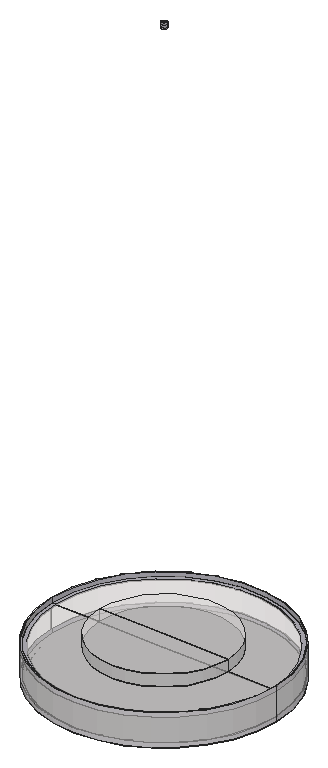
Revit family "Lighting - Lumetta - Pendant - SMS244WG2-S2", category Lighting Fixtures, host Ceiling, Revit 2015
Parameters
  Wattage Comments = "19"
  Wattage = 11.7117 W
  built-in parameter 1150110 = 1 (stored number, unit not read)
  URL = ""
  Type Comments = "Drum 34'' Pendant"  # constant formula
  built-in parameter 1114217 = 1 (stored number, unit not read)
  built-in parameter 1150109 = 1 (stored number, unit not read)
  built-in parameter 1150134 = (empty or 0)
  built-in parameter 1150113 = 1 (stored number, unit not read)
  S2 Diffuser Material [instance] = Shade - Lumetta - D61 - MT_White
  S2 [instance] = no
  Light Source Symbol Size = 0' - 1"
  Lamp = ""
  Model = "P53414"  # constant formula
  Manufacturer = "Lumetta, Inc."  # constant formula
  Lumens = 1300 lm
  built-in parameter 1150115 = 1 (stored number, unit not read)
  built-in parameter 1150105 = 103.45 (stored number, unit not read)
  built-in parameter 1150137 = (empty or 0)
  built-in parameter 1150139 = (empty or 0)
  built-in parameter 1150112 = 1 (stored number, unit not read)
  built-in parameter 1150114 = 1 (stored number, unit not read)
  built-in parameter 1150132 = 1
  built-in parameter 1150102 = (empty or 0)
  built-in parameter 1150138 = (empty or 0)
  built-in parameter 1150107 = 3000 (stored number, unit not read)
  built-in parameter 1150106 = 1.0345 (stored number, unit not read)
  Frame Finish [instance] = Paint - Lumetta - F02 - PC_Chrome
  built-in parameter 1150104 = 10.312 (stored number, unit not read)
  Dimming Lamp Color Temperature Shift = (empty or 0)
  Diffuser Material [instance] = Shade - Lumetta - Muse - Abstract Flower
  Description = ""
  Bottom Lens-Material [instance] = Acrylic - P95 - Etched White
  Bottom Lens [instance] = yes
  Color Filter = 16777215
  built-in parameter 1114218 = 1 (stored number, unit not read)
  built-in parameter 1150133 = 10 (stored number, unit not read)
Reference planes (in)
  plane 1 "Light Source Axis (F/B)": y = 0
  plane 2 "Ceiling": z = 96
  plane 3 "Light Source Axis (L/R)": x = 0
  plane 4 "Light Source Elevation": z = 94
  plane 5 "Fixture-Top": z = 95.25
  plane 6 "Fixture-Radius": x = 12.25
  plane 7 "Fixture-Height": z = 91.75
  plane 8: through (0, 0, 0) normal (-0.5, -0.866, 0)
  plane 9: y = 0
  plane 10: through (0, 0, 0) normal (0.5, -0.866, 0)
  plane 11 "Plane-120": through (-6.125, 10.60881, 0) normal (0.5, -0.866, 0)
  plane 12 "Plane-240": through (-68.47883, 25.39119, 0) normal (0.5, 0.866, 0)
  plane 13: through (0, 0, 0) normal (-0.866, -0.5, 0)
  plane 14: through (0, 0, 0) normal (0.866, -0.5, 0)
Forms (in)
  Revolve 1, solid, material "Shade - Lumetta - Muse - Abstract Flower"
    sketch origin (0, 0, 0) x (1, 0, 0) y (0, 0, 1)
      loop
        line (0, 96) -> (0, 94.6875) -> (12.125, 94.6875) -> (12.125, 94.75) -> (7, 94.75) -> (7, 96) -> (0, 96)
      axis (0, 96) -> (0, 94.6875)
    angle from 0 to 360
  Revolve 2, solid, material "Paint - Lumetta - F02 - PC_Chrome" <- "Frame Finish"
    sketch origin (0, 0, 0) x (1, 0, 0) y (0, 0, 1)
      loop
        line (12.25, 95.25) -> (12.18781, 95.25) -> (12.18781, 94.81373) -> (11.75031, 94.81373) -> (11.75031, 94.75123) -> (12.25, 94.75123) -> (12.25, 95.25)
      loop
        line (12.25, 92.25004) -> (12.18781, 92.25004) -> (12.18781, 91.81378) -> (11.75031, 91.81378) -> (11.75031, 91.75) -> (12.25, 91.75) -> (12.25, 92.25004)
      axis (0, 95.25) -> (0, 91.75)
    angle from 0 to 360
  Revolve 3, solid, material "Shade - Lumetta - Muse - Abstract Flower" <- "Diffuser Material"
    sketch origin (0, 0, 0) x (1, 0, 0) y (0, 0, 1)
      loop
        line (12.25, 95.25) -> (12.25, 91.75) -> (12.31242, 91.75) -> (12.31242, 95.25) -> (12.25, 95.25)
      axis (0, 95.25) -> (0, 91.75)
    angle from 0 to 360
  Revolve 4, solid, material "Paint - Lumetta - F02 - PC_Chrome" <- "Frame Finish"
    sketch origin (0, 0, 0) x (1, 0, 0) y (0, 0, 1)
      loop
        line (0, 155.78023) -> (0, 155.25) -> (0.26233, 155.25)
        arc (0.26233, 155.25) -> (0.31307, 155.30074) -> (0.26233, 155.35149) r 0.05074
        arc (0.26233, 155.35149) -> (0.29304, 155.51499) -> (0.26243, 155.67851) r 0.45126
        arc (0.26243, 155.67851) -> (0.31329, 155.72937) -> (0.26243, 155.78023) r 0.05086
        line (0.26243, 155.78023) -> (0, 155.78023)
      axis (0, 155.78023) -> (0, 155.25)
    angle from 0 to 360
  Extrusion 5, solid, material "Acrylic - P95 - Etched White" <- "Bottom Lens-Material", visible <- "Bottom Lens"
    sketch origin (0, 0, 91.75) x (0, -1, 0) y (1, 0, 0)
      loop
        circle (0, 0) r 12.09375
    from 0.06378 to 0.1875
  Revolve 6, solid, material "Paint - Lumetta - F02 - PC_Chrome" <- "Frame Finish", visible <- "S2"
    sketch origin (0, 0, 0) x (1, 0, 0) y (0, 0, 1)
      loop
        line (11.875, 95.3125) -> (11.875, 95.25) -> (12.3125, 95.25) -> (12.3125, 94.8125) -> (12.375, 94.8125) -> (12.375, 95.3125) -> (11.875, 95.3125)
      axis (0, 95.3125) -> (0, 94.8125)
    angle from 0 to 360
  Revolve 7, solid, material "Shade - Lumetta - D61 - MT_White" <- "S2 Diffuser Material", visible <- "S2"
    sketch origin (0, 0, 0) x (1, 0, 0) y (0, 0, 1)
      loop
        line (12.3125, 95.3125) -> (12.3125, 88.8125) -> (12.375, 88.8125) -> (12.375, 95.3125) -> (12.3125, 95.3125)
      axis (0, 95.3125) -> (0, 88.8125)
    angle from 0 to 360
Dimensions and locks (in)
  equal spacing: host sketch curve, plane 3 "Light Source Axis (L/R)", host sketch curve
  equal spacing: host sketch curve, plane 1 "Light Source Axis (F/B)", host sketch curve
  host sketch curve to host sketch curve = 10' - 0"  (x2)
  locked: plane 2 "Ceiling" to plane 5 "Fixture-Top" at 0.75
  locked: plane 6 "Fixture-Radius" to plane 3 "Light Source Axis (L/R)" at 12.25
  locked: plane 5 "Fixture-Top" to plane 7 "Fixture-Height" at 3.5
  locked: plane 6 "Fixture-Radius" to Revolve 2 sketch curve at 0.06219  (x2)
  locked: Revolve 3 sketch curve to plane 6 "Fixture-Radius" at 0.06242
  locked: Revolve 2 to Revolve 3 at 0.06378
  Revolve 4 sketch curve to Revolve 4 sketch curve = 0' - 0.15822"
  locked: Revolve 4 sketch curve to Revolve 3 at 60
  locked: Revolve 4 sketch curve to Revolve 4 sketch curve at 0.53023
  locked: Revolve 4 sketch curve to Revolve 4 sketch curve at 0.26243
  locked: Revolve 4 sketch curve to Revolve 4 sketch curve at 0.26233
  locked: Revolve 4 sketch curve to Revolve 4 sketch curve at 0.05074
  locked: Revolve 4 sketch curve to Revolve 4 sketch curve at 0.47937
  locked: Revolve 4 sketch curve to Revolve 4 sketch curve at 0.26512
  locked: plane 5 "Fixture-Top" to Revolve 2 sketch curve at 0.49877
  locked: Revolve 2 sketch curve to Revolve 2 sketch curve at 0.0625
  locked: Revolve 2 sketch curve to plane 7 "Fixture-Height" at 0.50004
  locked: plane 6 "Fixture-Radius" to Revolve 2 sketch curve at 0.49969
  locked: Revolve 1 sketch curve to Revolve 1 sketch curve at 0.0625
  locked: host ceiling to Revolve 1 sketch curve at 1.3125
  Revolve 1 sketch curve to Revolve 1 sketch curve = 0' - 1 5/16"
  locked: Revolve 1 sketch curve to Revolve 1 sketch curve at 7
  locked: plane 10 to plane 11 "Plane-120" at 12.25
  locked: plane 12 "Plane-240" to plane 8 at 12.25
  locked: Extrusion 5 to plane 7 "Fixture-Height" at 0.1875
  locked: Revolve 1 sketch curve to Revolve 1 sketch curve at 12.125
  plane 2 "Ceiling" to plane 4 "Light Source Elevation" = 0' - 2"
  locked: plane 2 "Ceiling" to Revolve 2 at 1.24877
  locked: Revolve 6 sketch curve to Revolve 6 sketch curve at 0.5  (x2)
  locked: Revolve 6 sketch curve to Revolve 6 sketch curve at 0.0625  (x2)
  locked: Revolve 6 sketch curve to plane 6 "Fixture-Radius" at 0.0625
  locked: Revolve 6 sketch curve to plane 5 "Fixture-Top" at 0.0625
  locked: Revolve 7 sketch curve to plane 5 "Fixture-Top" at 0.0625
  locked: Revolve 7 sketch curve to Revolve 7 sketch curve at 0.0625
  locked: Revolve 7 sketch curve to Revolve 7 sketch curve at 6.5
  locked: Revolve 7 sketch curve to plane 6 "Fixture-Radius" at 0.0625
  locked: Extrusion 5 sketch curve to Extrusion 5 sketch curve (radius 1' - 0 3/32")
  aligned and locked: plane 3 "Light Source Axis (L/R)" to imposter light
  aligned and locked: plane 1 "Light Source Axis (F/B)" to imposter light
  aligned and locked: plane 4 "Light Source Elevation" to imposter light
  aligned and locked: Extrusion 5 to Revolve 2
